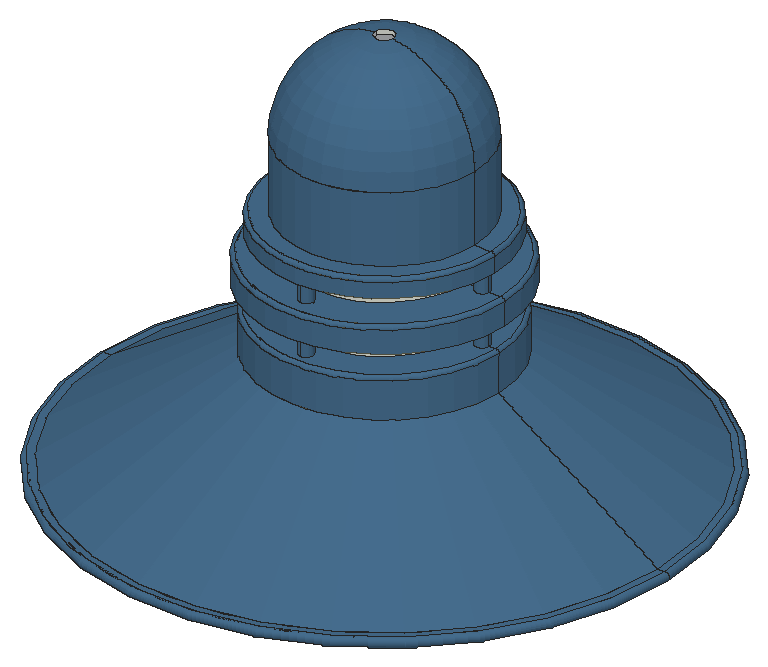
Revit family "L216 SHADE", category Lighting Fixtures, Revit 2024
Family settings
  Round Connector Dimension = Use Diameter
  Part Type = Normal
  OmniClass Number = 23.80.70.00
  OmniClass Title = Lighting
  Work Plane-Based = No
  Always vertical = Yes
  Cut with Voids When Loaded = No
  Light Source = Yes
  Maintain Annotation Orientation = No
  Shared = No
  Room Calculation Point = No
Parameters
  Wattage = 12.1178 W
  built-in parameter 1150110 = 1 (stored number, unit not read)
  built-in parameter 1114217 = 1 (stored number, unit not read)
  built-in parameter 1150109 = 1 (stored number, unit not read)
  built-in parameter 1150134 = (empty or 0)
  built-in parameter 1150113 = 1 (stored number, unit not read)
  Lumens = 1800 lm
  built-in parameter 1150115 = 1 (stored number, unit not read)
  built-in parameter 1150105 = 572.96 (stored number, unit not read)
  Light Source Symbol Size = 2' - 0"
  built-in parameter 1150137 = (empty or 0)
  built-in parameter 1150139 = (empty or 0)
  built-in parameter 1150112 = 1 (stored number, unit not read)
  built-in parameter 1150114 = 1 (stored number, unit not read)
  built-in parameter 1150132 = 2
  built-in parameter 1150102 = (empty or 0)
  built-in parameter 1150138 = (empty or 0)
  built-in parameter 1150107 = 3000 (stored number, unit not read)
  built-in parameter 1150106 = 5.7296 (stored number, unit not read)
  built-in parameter 1150104 = 13.8 (stored number, unit not read)
  Dimming Lamp Color Temperature Shift = (empty or 0)
  Default Elevation = 0' - 0"
  Color Filter = 16777215
  built-in parameter 1114218 = 1 (stored number, unit not read)
  built-in parameter 1150133 = 10 (stored number, unit not read)
Reference planes (in)
  plane 1 "Light Source Axis (F/B)": y = 0
  plane 2: z = 0
  plane 3 "Light Source Axis (L/R)": x = 0
  plane 4 "Light Source Elevation": z = 54
Forms (in)
  Revolve 1, solid
    sketch origin (0, 0, 0) x (1, 0, 0) y (0, 0, 1)
      loop
        line (-7.75476, 54.09085) -> (-3.1325, 57.06218) -> (-3.1325, 58.09834) -> (-2.3099, 58.09834) -> (-2.3099, 58.19209) -> (-3.12625, 58.19209)
        arc (-3.12625, 58.19209) -> (-3.19696, 58.1628) -> (-3.22625, 58.09209) r 0.1
        line (-3.22625, 58.09209) -> (-3.22625, 57.11336) -> (-7.68055, 54.25) -> (-7.875, 54.25)
        arc (-7.875, 54.25) -> (-7.97473, 54.04965) -> (-7.75476, 54.09085) r 0.125
      loop
        line (-3.38733, 58.85295) -> (-3.29358, 58.85295) -> (-3.29358, 59.4592) -> (-2.3099, 59.4592) -> (-2.3099, 59.55295) -> (-3.28733, 59.55295)
        arc (-3.28733, 59.55295) -> (-3.35804, 59.52366) -> (-3.38733, 59.45295) r 0.1
        line (-3.38733, 59.45295) -> (-3.38733, 58.85295)
      loop
        line (-3.1, 60.09583) -> (-3.00625, 60.09583) -> (-3.00625, 60.50208) -> (-2.45625, 60.50208) -> (-2.45625, 62.45)
        arc (-2.45625, 62.45) -> (-1.82308, 64.09607) -> (-0.25, 64.89349) r 2.45625
        line (-0.25, 64.89349) -> (-0.25, 64.98772)
        arc (-0.25, 64.98772) -> (-1.88944, 64.16245) -> (-2.55, 62.45) r 2.55
        line (-2.55, 62.45) -> (-2.55, 60.59583) -> (-3, 60.59583)
        arc (-3, 60.59583) -> (-3.07071, 60.56654) -> (-3.1, 60.49583) r 0.1
        line (-3.1, 60.49583) -> (-3.1, 60.09583)
      loop
        line (-2.1, 60.74098) -> (-2.1, 55.42083)
        arc (-2.1, 55.42083) -> (-1.48492, 53.93591) -> (0, 53.32083) r 2.1
        line (0, 53.32083) -> (0, 53.41458)
        arc (0, 53.41458) -> (-1.41863, 54.0022) -> (-2.00625, 55.42083) r 2.00625
        line (-2.00625, 55.42083) -> (-2.00625, 60.74098) -> (-2.1, 60.74098)
      axis (0, 64.98772) -> (0, 53.32083)
    angle from 0 to 360
  Sweep 2, solid
    path origin (0, 0, 0) x (1, 0, 0) y (0, 0, 1)
      loop
        line (-2.75, 58.19209) -> (-2.75, 60.50208)
    profile origin (-2.75, 0, 59.34708) x (-1, 0, 0) y (0, -1, 0)
      loop
        circle (0, 0) r 0.1875
  Sweep 3, solid
    path origin (0, 0, 0) x (0, -1, 0) y (0, 0, 1)
      loop
        line (-2.75, 58.19209) -> (-2.75, 60.50208)
    profile origin (0, 2.75, 59.34708) x (0, 1, 0) y (-1, 0, 0)
      loop
        circle (0, 0) r 0.1875
  Sweep 4, solid
    path origin (0, 0, 0) x (0, 1, 0) y (0, 0, 1)
      loop
        line (-2.75, 58.19209) -> (-2.75, 60.50208)
    profile origin (0, -2.75, 59.34708) x (0, -1, 0) y (1, 0, 0)
      loop
        circle (0, 0) r 0.1875
  Sweep 5, solid
    path origin (0, 0, 0) x (-1, 0, 0) y (0, 0, 1)
      loop
        line (-2.75, 58.19209) -> (-2.75, 60.50208)
    profile origin (2.75, 0, 59.34708) x (1, 0, 0) y (0, 1, 0)
      loop
        circle (0, 0) r 0.1875
Dimensions and locks (in)
  aligned and locked: plane 3 "Light Source Axis (L/R)" to imposter light
  aligned and locked: plane 1 "Light Source Axis (F/B)" to imposter light
  aligned and locked: plane 4 "Light Source Elevation" to imposter light
  aligned and locked: level to plane 2
